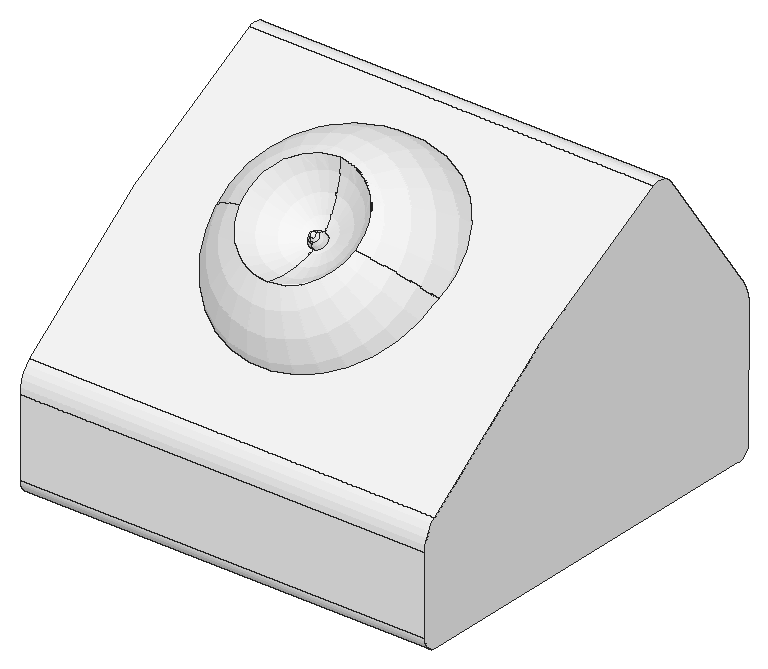
Revit family "LZR", category Lighting Fixtures, host Face, Revit 2014
Parameters (values of type "LZR-S")
  zz Length 1 [instance] = if(Single Face, 0.200", 0.250")  # 0.200"
  Watts = 3.72 W
  Wattage Comments = "3.72 W"
  Warranty = "https://hubbellcdn.com/warranty/Dual-Lite%20Compass%20Limited%20Warranty_1_19.pdf"
  Wall Plate Material = Hubbell - Black
  Voltage [instance] = if(Is 120VAC, 120 V, 277 V)  # 120 V
  URL = "https://www.hubbell.com/dual-lite/en"
  Type Comments = "Emergency & Exit Lighting"  # constant formula
  Single Face = yes
  Product Page URL = "https://www.hubbell.com/dual-lite/en/Products/Lighting-Controls/Emergency-Exit-Lighting/Remote-Heads-Fixtures/LZR/p/209062"
  Product Documentation Link = "https://hubbellcdn.com/specsheet/lzr_mr16_led_spec_sheet_0601555.pdf"
  Model = "LZR"  # constant formula
  Manufacturer = "DUAL-LITE"  # constant formula
  Load Classification = Lighting
  Lens = Hubbell - Green Glass
  Lamp = "Halogen / 3 Watt LED Lamp"  # constant formula
  LED = Hubbell - White
  Is 277VAC [instance] = not(Is 120VAC)  # no
  Is 120VAC [instance] = yes
  Holder Material = Hubbell - Steel
  Glass = Hubbell - light Glass
  Finish = Hubbell - White
  Double Face = no
  Description = "Architectural/commerical design. High performance MR-16 halogen lamps standard."  # constant formula
  Default Elevation = 48.000"
  Certification = "UL 924 Listed\r\nNFPA 101 Life Safety Code\r\nCEC T20 Compliant"  # constant formula
  Apparent Load = Watts  # 3.72 VA
Types (2): name | zz Length 1 | Watts | Wattage Comments | Single Face | Double Face | Apparent Load
  LZR-S | 0.200" | 3.72 W | "3.72 W" | yes | no | 3.72 VA
  LZR-D | 0.250" | 5 W | "5W" | no | yes | 5 VA
Reference planes (in)
  plane 1 "Center (Front/Back)": y = 0
  plane 2: z = 0
  plane 3 "Center (Left/Right)": x = 0
  plane 4: y = -2.362
  plane 5: y = 2.362
  plane 6: z = 3.50394
  plane 7: x = 4.724
  plane 8: through (0, -0.49197, 3.63328) normal (0, -0.6428, 0.766)
Forms (in)
  Extrusion 1, solid, material "Hubbell - White" <- "Finish"
    sketch origin (0, 0, 0) x (0, 1, 0) y (0, 0, 1)
      loop
        arc (2.20076, 0) -> (2.31477, 0.04723) -> (2.362, 0.16124) r 0.16124
        line (2.362, 0.16124) -> (2.362, 1.63251)
        arc (2.362, 1.63251) -> (2.34475, 1.74456) -> (2.29461, 1.84624) r 0.37264
        line (2.29461, 1.84624) -> (1.22445, 3.37459)
        arc (1.22445, 3.37459) -> (1.11827, 3.44918) -> (0.98895, 3.43847) r 0.1905
        arc (0.98895, 3.43847) -> (-0.68883, 2.52) -> (-2.22039, 1.3742) r 13.53545
        arc (-2.22039, 1.3742) -> (-2.32492, 1.23478) -> (-2.362, 1.06451) r 0.40942
        line (-2.362, 1.06451) -> (-2.362, 0.16124)
        arc (-2.362, 0.16124) -> (-2.31477, 0.04723) -> (-2.20076, 0) r 0.16124
        line (-2.20076, 0) -> (2.20076, 0)
    from 0 to 4.724
  Revolve 2, solid, material "Hubbell - White" <- "Finish"
    sketch origin (0, -0.49705, 2.38906) x (1, 0, 0) y (0, 0.681998, -0.731354)
      loop
        arc (2.21004, -1.07481) -> (3.21004, -0.6606) -> (3.62425, 0.3394) r 1.41421
        line (3.62425, 0.3394) -> (2.21004, 0.3394) -> (2.21004, -1.07481)
      axis (2.21004, 0.3394) -> (2.21004, -1.07481)
    angle from 0 to 360
  Revolve 3, void
    sketch origin (2.26124, -0.00781, -0.19246) x (0, 1, 0) y (0, 0, 1)
      loop
        line (-1.17074, 3.48047) -> (-0.76102, 2.99219)
        arc (-0.76102, 2.99219) -> (-0.55477, 3.39984) -> (-0.52122, 3.85547) r 1.16446
        line (-0.52122, 3.85547) -> (-1.17074, 3.48047)
      axis (-0.76102, 2.99219) -> (-1.17074, 3.48047)
    angle from 0 to 360
  Revolve 4, solid, material "Hubbell - White" <- "LED"
    sketch origin (2.24863, 0, 0.07852) x (0, 1, 0) y (0, 0, 1)
      loop
        line (-0.51119, 2.53985) -> (-0.71591, 2.74458)
        arc (-0.71591, 2.74458) -> (-0.77323, 2.78856) -> (-0.83999, 2.81621) r 0.27677
        line (-0.83999, 2.81621) -> (-0.88336, 2.82783)
        arc (-0.88336, 2.82783) -> (-0.90508, 2.831) -> (-0.92694, 2.82905) r 0.09406
        line (-0.92694, 2.82905) -> (-0.62933, 2.47437) -> (-0.51119, 2.53985)
      axis (-0.92694, 2.82905) -> (-0.61276, 2.45462)
    angle from 0 to 360
  Extrusion 5, solid, material "Hubbell - White" <- "Finish", visible <- "Double Face"
    sketch origin (9.448, 0, 0) x (0, 1, 0) y (0, 0, -1)
      loop
        line (2.20076, 0) -> (-2.20076, 0)
        arc (-2.20076, 0) -> (-2.31477, -0.04723) -> (-2.362, -0.16124) r 0.16124
        line (-2.362, -0.16124) -> (-2.362, -1.06451)
        arc (-2.362, -1.06451) -> (-2.32492, -1.23478) -> (-2.22039, -1.3742) r 0.40942
        arc (-2.22039, -1.3742) -> (-0.68883, -2.52) -> (0.98895, -3.43847) r 13.53545
        arc (0.98895, -3.43847) -> (1.11827, -3.44918) -> (1.22445, -3.37459) r 0.1905
        line (1.22445, -3.37459) -> (2.29461, -1.84624)
        arc (2.29461, -1.84624) -> (2.34475, -1.74456) -> (2.362, -1.63251) r 0.37264
        line (2.362, -1.63251) -> (2.362, -0.16124)
        arc (2.362, -0.16124) -> (2.31477, -0.04723) -> (2.20076, 0) r 0.16124
    from 0 to 4.724
  Revolve 6, solid, material "Hubbell - White" <- "Finish", visible <- "Double Face"
    sketch origin (9.448, -0.49705, 2.38906) x (-1, 0, 0) y (0, -0.681998, 0.731354)
      loop
        line (2.21004, 1.07481) -> (2.21004, -0.3394) -> (3.62425, -0.3394)
        arc (3.62425, -0.3394) -> (3.21004, 0.6606) -> (2.21004, 1.07481) r 1.41421
      axis (2.21004, -0.3394) -> (2.21004, 1.07481)
    angle from 0 to 360
  Revolve 7, void
    sketch origin (7.18676, -0.00781, -0.19246) x (0, 1, 0) y (0, 0, -1)
      loop
        line (-1.17074, -3.48047) -> (-0.52122, -3.85547)
        arc (-0.52122, -3.85547) -> (-0.55477, -3.39984) -> (-0.76102, -2.99219) r 1.16446
        line (-0.76102, -2.99219) -> (-1.17074, -3.48047)
      axis (-0.76102, -2.99219) -> (-1.17074, -3.48047)
    angle from 0 to 360
  Revolve 8, solid, material "Hubbell - White" <- "LED", visible <- "Double Face"
    sketch origin (7.19937, 0, 0.07852) x (0, 1, 0) y (0, 0, -1)
      loop
        line (-0.51119, -2.53985) -> (-0.62933, -2.47437) -> (-0.92694, -2.82905)
        arc (-0.92694, -2.82905) -> (-0.90508, -2.831) -> (-0.88336, -2.82783) r 0.09406
        line (-0.88336, -2.82783) -> (-0.83999, -2.81621)
        arc (-0.83999, -2.81621) -> (-0.77323, -2.78856) -> (-0.71591, -2.74458) r 0.27677
        line (-0.71591, -2.74458) -> (-0.51119, -2.53985)
      axis (-0.92694, -2.82905) -> (-0.61276, -2.45462)
    angle from 0 to 360
Cuts and joins
  Revolve 3, Revolve 7 cuts Revolve 2
  Revolve 7 cuts Revolve 4
  Revolve 7 cuts Revolve 6
  Revolve 7 cuts Revolve 8
Dimensions and locks (in)
  aligned and locked: plane 2 to host face
  aligned and locked: level to host face
Nested families (in)
  nested 1: "Family2" at (7.13168, -1.05849, 3.08338) x (0, 1, 0) z (0, 0, 1), visible <- "Double Face", type "Family2"
  nested 2: "Family2" at (2.26968, -1.05849, 3.08338) x (0, 1, 0) z (0, 0, 1), type "Family2"
Connectors (in)
  electrical at (2.362, 0, 0)
    settings: on Extrusion 1, index 1, voltage 120 V, apparent load 0 VA, apparent load phase1 0 VA, apparent load phase2 0 VA, apparent load phase3 0 VA, power factor 1, load classification "Other", number of poles 1, system type 30, power factor state 1, is connector primary yes, connector utility no, sub classification motor no, connector description "Lighting Connector"
Definition of nested family "Family2"
  Parameters (values of type "Family2")
    Wattage = 9.2903 W
    built-in parameter 1150110 = 1 (stored number, unit not read)
    built-in parameter 1114217 = 1 (stored number, unit not read)
    Tilt Angle = 60.00°
    built-in parameter 1150109 = 1 (stored number, unit not read)
    built-in parameter 1150134 = (empty or 0)
    built-in parameter 1150113 = 1 (stored number, unit not read)
    Photometric Web File = "lzr-1210.ies"
    Lumens = 1380 lm
    built-in parameter 1150115 = 1 (stored number, unit not read)
    built-in parameter 1150105 = 109.82 (stored number, unit not read)
    built-in parameter 1150137 = (empty or 0)
    built-in parameter 1150139 = (empty or 0)
    built-in parameter 1150112 = 1 (stored number, unit not read)
    built-in parameter 1150114 = 1 (stored number, unit not read)
    built-in parameter 1150132 = 2
    built-in parameter 1150102 = (empty or 0)
    built-in parameter 1150138 = (empty or 0)
    built-in parameter 1150107 = 3000 (stored number, unit not read)
    built-in parameter 1150106 = 1.0982 (stored number, unit not read)
    built-in parameter 1150104 = 13.8 (stored number, unit not read)
    Dimming Lamp Color Temperature Shift = (empty or 0)
    Color Filter = 16777215
    built-in parameter 1114218 = 1 (stored number, unit not read)
    built-in parameter 1150133 = 10 (stored number, unit not read)
  Reference planes (in)
    plane 1 "Light Source Axis (F/B)": y = 0
    plane 2: z = 0
    plane 3 "Light Source Axis (L/R)": x = 0
    plane 4 "Light Source Elevation": z = 49.15467
  Dimensions and locks (in)
    aligned and locked: plane 1 "Light Source Axis (F/B)" to imposter light
    aligned and locked: level to plane 2
